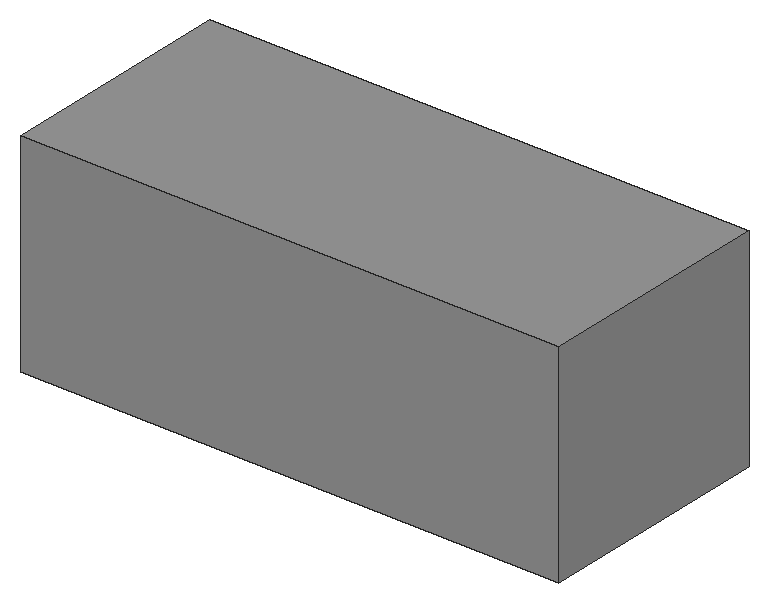
Revit family "MELINA_12W_3000K_700LM_NOIR", category Lighting Fixtures, host Wall, Revit 2021
Family settings
  Host = Wall
  Round Connector Dimension = Use Diameter
  Part Type = Normal
  OmniClass Number = 23.80.70.00
  OmniClass Title = Lighting
  Always vertical = Yes
  Cut with Voids When Loaded = No
  Light Source = Yes
  Shared = No
  Room Calculation Point = No
Parameters (values of type "Type 1")
  Wattage = 4.71247 W
  built-in parameter 1150110 = 1 (stored number, unit not read)
  Type de lampe = "LED"
  Type = "Applique murale"
  built-in parameter 1114217 = 1 (stored number, unit not read)
  built-in parameter 1150109 = 1 (stored number, unit not read)
  built-in parameter 1150134 = (empty or 0)
  built-in parameter 1150113 = 1 (stored number, unit not read)
  Puissance nominale = "12W"
  Matériau = "ABS"
  Lumens = 700 lm
  built-in parameter 1150115 = 1 (stored number, unit not read)
  built-in parameter 1150105 = 222.82 (stored number, unit not read)
  Light Source Symbol Size = 609.6 mm
  built-in parameter 1150137 = (empty or 0)
  built-in parameter 1150139 = (empty or 0)
  built-in parameter 1150112 = 1 (stored number, unit not read)
  built-in parameter 1150114 = 1 (stored number, unit not read)
  built-in parameter 1150132 = 2
  built-in parameter 1150102 = (empty or 0)
  built-in parameter 1150138 = (empty or 0)
  built-in parameter 1150107 = 3000 (stored number, unit not read)
  built-in parameter 1150106 = 2.2282 (stored number, unit not read)
  Fintion = "Noir"
  Emit from Line Length = 609.6 mm
  built-in parameter 1150104 = 13.8 (stored number, unit not read)
  Driver = "Driver Eaglerise 300mA"
  Dimming Lamp Color Temperature Shift = <None>
  Dimensions = "230 x 90 x 101 mm"
  Diffuseur = "Polycarbonate"
  Default Elevation = 0 mm
  Color Filter = 16777215
  built-in parameter 1114218 = 1 (stored number, unit not read)
  built-in parameter 1150133 = 10 (stored number, unit not read)
  Alimentation luminaire = "300mA"
  Alimentation Driver = "AC 220-240V"
Reference planes
  plane 1: y = 0
  plane 2 "Light Source Axis (L/R)": x = 125
  plane 3 "Light Source Axis (F/R)": y = 150
  plane 4 "Light Source Elevation": z = 1800
Forms (mm)
  Extrusion 1, solid, material "Plastic, Opaque White"
    sketch origin (0, 150, 0) x (1, 0, 0) y (0, 0, 1)
      loop
        line (240, 1845) -> (10, 1845) -> (10, 1755) -> (240, 1755) -> (240, 1845)
    from -26 to 75
  Extrusion 2, void
    sketch origin (125, 0, 0) x (0, 1, 0) y (0, 0, 1)
      loop
        line (170.922, 1794.846) -> (110.922, 1794.846) -> (110.922, 1729.846) -> (170.922, 1729.846) -> (170.922, 1794.846)
    from -108.328 to 108.243
  Extrusion 3, solid, material "Glass, White, High Luminance"
    sketch origin (0, 150, 0) x (1, 0, 0) y (0, 0, 1)
      loop
        line (233.243, 1761.52) -> (16.672, 1761.52) -> (16.672, 1755) -> (233.243, 1755) -> (233.243, 1761.52)
    from -20.922 to 39.078
Cuts and joins
  Extrusion 2 cuts Extrusion 1
Lines and regions (mm)
  reference lines
    curve 1: line (125, 150, 1800) -> (10, 150, 1800)
    curve 2: line (10, 150, 1800) -> (10, 150, 1845)
    curve 3: line (10, 150, 1845) -> (240, 150, 1845)
    curve 4: line (240, 150, 1845) -> (240, 150, 1755)
    curve 5: line (240, 150, 1755) -> (10, 150, 1755)
    curve 6: line (10, 150, 1755) -> (10, 150, 1800)
    curve 7: line (125, 75, 1755) -> (125, 176, 1755)
Text (mm)
  text "Placement side" at (-1787.139, 1116.779, 0), in view "Ref. Level"
  text "Placement side" at (0, 296.899, 2986.058), in view "Left"
  text "Placement side" at (0, 628.478, 3011.967), in view "Right"
Dimensions and locks
  Extrusion 2 to curve 5 = 39.846 mm
  aligned and locked: plane 1 to host wall
  aligned and locked: plane 2 "Light Source Axis (L/R)" to imposter light
  aligned and locked: plane 3 "Light Source Axis (F/R)" to imposter light
  aligned and locked: plane 4 "Light Source Elevation" to imposter light
